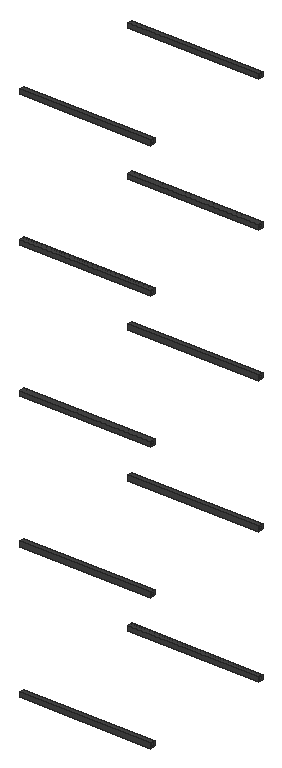
Revit family "DBLTD_TheSenatorGroup_OffcStrg_CrateDivide_LinkingBars_US", category Furniture, Revit 2018
Family settings
  Work Plane-Based = No
  Always vertical = Yes
  Cut with Voids When Loaded = No
  Shared = Yes
  Room Calculation Point = No
Parameters (values of type "Bars to Link 4-High Bay Unit")
  WarrantyStartDate [instance] = "1900-12-31T23:59:59"
  WarrantyGuarantorParts = "n/a"
  WarrantyGuarantorLabor = "n/a"
  WarrantyDurationUnit = "Years"
  WarrantyDurationParts = "n/a"
  WarrantyDurationLabor = "n/a"
  WarrantyDescription = "Allermuir will repair, or replace (at Allermuir’s sole discretion) with comparable free of charge materials/ components, any product/ component which fails under normal use in a single shift environment, as a result of a defect in the materials and/or workmanship. Exceptions - Non-standard product - 2 years Screen-mounted Accessories/ Dry-wipe Boards - 2 years Electrical and/or electronic componentry - 2 years. Exclusions - Allermuir does not warrant: Failure due to normal “Wear and Tear”. Natural variations in appearance of wood - its grain, figure and colour. Changes in surface appearance resulting from exposure to light, and the natural ageing process of wood. Changes in surface appearance resulting from the misuse of cleaning materials and methods/ damage form sharp objects/ imprinting from writing implements. Natural variations in Leather - its marks, scars and wrinkles. Product stored/ exposed to extreme operational conditions. Consumable components such as Fuses/ Lights/ lamps/ transformers/etc. Other Manufacturer’s product supplied by Allermuir (their own warranty shall apply where possible). Non-standard fabrics/ finishes or veneers used. Allermuir only checks the manufacturing quality of Customer’s Own Material (COM) and provides no warrant"
  Version = "2"  # constant formula
  Uniclass2015Version = "Products v1.9"
  Uniclass2015Title = "Office storage units"
  Uniclass2015Code = "Pr_40_30_78_57"
  URL = "https://www.thesenatorgroup.com/"
  Type Comments = "Connector bars to link 4-high bay unit"
  TagNumber [instance] = "n/a"
  SustainabilityPerformance = "Contains up to 50.00% of Recycled Material"
  Style = "n/a"
  Size = "L 18\" x  W L 18\" x  H 30\""
  Shape = "Rectangular"
  SerialNumber [instance] = "n/a"
  Revision = "n/a"
  ReplacementCost = "n/a"
  ProductInformation = "https://www.thesenatorgroup.com/en/catalog/allermuir/tables-storage/crate-divide"
  OmniClassTitle = "Storage"
  OmniClassCode = "22-12 51 19"
  NominalWidth = 457.962 mm
  NominalLength = 457.962 mm
  NominalHeight = 1789.938 mm
  NominalDepth = 457.962 mm
  Name = "OfficeStorage_CrateDivide_LinkingBars"
  NBSReference = "45-35-80/360"
  NBSDescription = "Office storage"
  NBSCertification = ""
  ModelReference = "Connector bars to link 4-high bay unit"
  ModelNumber = "CRT10CB"
  Model = "CRT10CB"
  Material = "Tubular Steel"
  ManufacturerURL = "https://www.thesenatorgroup.com/"
  ManufacturerName = "The Senator Group"
  Manufacturer = "The Senator Group"
  MainColor = "n/a"
  Keynote = "Pr_40_30_78_57"
  InstallationDate [instance] = "1900-12-31T23:59:59"
  IfcExportType = "STORAGE"  # constant formula
  IfcExportAs = "IfcFurnitureType"  # constant formula
  Grade = "n/a"
  FrameNumber = 4
  FrameMaterial [instance] = TheSenatorGroup_Plastic_Black
  Finish = "Black powder coat as standard. Optional colours available White, Sage, Bronze and Aubergine"
  Features = "A cube based modular storage system with a prime function to to act as a room divider. Create spaces using the modular design of Crate. Pre-built components can be connected together in-line or at right angles to create different zones within existing spaces."
  ExpectedLife = "n/a"
  DurationUnit = "year"
  Description = "Connector bars to link 4-high bay unit"
  Cost = 0
  Constituents = "Tubular Steel frame available in Optional White, Sage, Bronze and Aubergine powder coat"
  Color = "Defined by Finish Specifed"
  CodePerformance = "n/a"
  Category = "Pr_40_30_78_57:Office storage units"
  BarCode [instance] = "n/a"
  BIMObjectName = "TheSenatorGroup_OfficeStorage_CrateDivide_LinkingBars"
  Author = "Diane Butterworth Ltd"  # constant formula
  AssetType = "Movable"
  AssetIdentifier [instance] = "n/a"
  AccessibilityPerformance = "n/a"
Types (4, lengths in mm): name | Type Comments | Size | NominalHeight | ModelReference | ModelNumber | Model | FrameNumber | Description
  Bars to Link 2-High Bay Unit | "Connector bars to link 2-high bay unit" | "L 18\" x  W L 18\" x  H 35.5\"" | 899.922 | "Connector bars to link 2-high bay unit" | "CRT6CB" | "CRT6CB" | 2 | "Connector bars to link 2-high bay unit"
  Bars to Link 3-High Bay Unit | "Connector bars to link 3-high bay unit" | "L 18\" x  W L 18\" x  H 53\"" | 1347.978 | "Connector bars to link 3-high bay unit" | "CRT8CB" | "CRT8CB" | 3 | "Connector bars to link 3-high bay unit"
  Bars to Link 4-High Bay Unit | "Connector bars to link 4-high bay unit" | "L 18\" x  W L 18\" x  H 30\"" | 1789.938 | "Connector bars to link 4-high bay unit" | "CRT10CB" | "CRT10CB" | 4 | "Connector bars to link 4-high bay unit"
  Bars to Link 5-High Bay Unit | "Connector bars to link 5-high bay unit" | "L 18\" x  W L 18\" x  H 88\"" | 2231.898 | "Connector bars to link 5-high bay unit" | "CRT12CB" | "CRT12CB" | 5 | "Connector bars to link 5-high bay unit"
Reference planes
  plane 1 "Back": y = 0
  plane 2: z = 0
  plane 3 "Center (Left/Right)": x = 0
  plane 4 "Front": y = -457.962
  plane 5 "Top": z = 1789.938
  plane 6: y = -228.981
  plane 7 "Shelf2": x = -213.1
  plane 8 "Shelf3": x = 213.1
  plane 9: z = 10.05
Forms (mm)
  Extrusion 1, solid, material "TheSenatorGroup_Plastic_Black" <- "FrameMaterial"
    sketch origin (0, 0, 0) x (0, 1, 0) y (0, 0, 1)
      loop
        line (-442.12, 25.88) -> (-458, 25.88) -> (-458, 10) -> (-442.12, 10) -> (-442.12, 25.88)
      loop
        line (0, 25.88) -> (-16, 25.88) -> (-16, 10) -> (0, 10) -> (0, 25.88)
      loop
        line (-2, 23.88) -> (-14, 23.88) -> (-14, 12) -> (-2, 12) -> (-2, 23.88)
      loop
        line (-444.12, 23.88) -> (-456, 23.88) -> (-456, 12) -> (-444.12, 12) -> (-444.12, 23.88)
    from -213.06 to 213.06
  Extrusion 2, solid, material "TheSenatorGroup_Plastic_Black" <- "FrameMaterial"
    sketch origin (0, 0, 442.05) x (0, 1, 0) y (0, 0, 1)
      loop
        line (-442.12, 25.88) -> (-458, 25.88) -> (-458, 10) -> (-442.12, 10) -> (-442.12, 25.88)
      loop
        line (0, 25.88) -> (-16, 25.88) -> (-16, 10) -> (0, 10) -> (0, 25.88)
      loop
        line (-2, 23.88) -> (-14, 23.88) -> (-14, 12) -> (-2, 12) -> (-2, 23.88)
      loop
        line (-444.12, 23.88) -> (-456, 23.88) -> (-456, 12) -> (-444.12, 12) -> (-444.12, 23.88)
    from -213.06 to 213.06
  Extrusion 3, solid, material "TheSenatorGroup_Plastic_Black" <- "FrameMaterial"
    sketch origin (0, 0, 884.05) x (0, 1, 0) y (0, 0, 1)
      loop
        line (-442.12, 25.88) -> (-458, 25.88) -> (-458, 10) -> (-442.12, 10) -> (-442.12, 25.88)
      loop
        line (0, 25.88) -> (-16, 25.88) -> (-16, 10) -> (0, 10) -> (0, 25.88)
      loop
        line (-2, 23.88) -> (-14, 23.88) -> (-14, 12) -> (-2, 12) -> (-2, 23.88)
      loop
        line (-444.12, 23.88) -> (-456, 23.88) -> (-456, 12) -> (-444.12, 12) -> (-444.12, 23.88)
    from -213.06 to 213.06
  Extrusion 4, solid, material "TheSenatorGroup_Plastic_Black" <- "FrameMaterial"
    sketch origin (0, 0, 1326.05) x (0, 1, 0) y (0, 0, 1)
      loop
        line (-442.12, 25.88) -> (-458, 25.88) -> (-458, 10) -> (-442.12, 10) -> (-442.12, 25.88)
      loop
        line (0, 25.88) -> (-16, 25.88) -> (-16, 10) -> (0, 10) -> (0, 25.88)
      loop
        line (-2, 23.88) -> (-14, 23.88) -> (-14, 12) -> (-2, 12) -> (-2, 23.88)
      loop
        line (-444.12, 23.88) -> (-456, 23.88) -> (-456, 12) -> (-444.12, 12) -> (-444.12, 23.88)
    from -213.06 to 213.06
  Extrusion 5, solid, material "TheSenatorGroup_Plastic_Black" <- "FrameMaterial"
    sketch origin (0, 0, 1768.05) x (0, 1, 0) y (0, 0, 1)
      loop
        line (-442.12, 25.88) -> (-458, 25.88) -> (-458, 10) -> (-442.12, 10) -> (-442.12, 25.88)
      loop
        line (0, 25.88) -> (-16, 25.88) -> (-16, 10) -> (0, 10) -> (0, 25.88)
      loop
        line (-2, 23.88) -> (-14, 23.88) -> (-14, 12) -> (-2, 12) -> (-2, 23.88)
      loop
        line (-444.12, 23.88) -> (-456, 23.88) -> (-456, 12) -> (-444.12, 12) -> (-444.12, 23.88)
    from -213.06 to 213.06
Dimensions and locks
  "NominalDepth": plane 4 "Front" to plane 1 "Back"
  "NominalHeight": plane 5 "Top" to level
  equal spacing: plane 4 "Front", plane 6, plane 1 "Back"
  Extrusion 2 to level = 467.93 mm
  equal spacing: group 2, group 3, group 4, group 5  (x3)
  plane 9 to level = 10.05 mm
  aligned and locked: level to plane 2
Automatic sketch dimensions
  Extrusion 1 sketch curve to Extrusion 1 sketch curve = 15.88 mm  (x3)
  Extrusion 1 sketch curve to Extrusion 1 sketch curve = 2 mm  (x8)
  Extrusion 1 sketch curve to Extrusion 1 sketch curve = 426.12 mm
  Extrusion 1 sketch curve to Extrusion 1 sketch curve = 12 mm
  Extrusion 1 sketch curve to Extrusion 1 sketch curve = 0 mm
  Extrusion 2 sketch curve to Extrusion 2 sketch curve = 15.88 mm  (x3)
  Extrusion 2 sketch curve to Extrusion 2 sketch curve = 2 mm  (x8)
  Extrusion 2 sketch curve to Extrusion 2 sketch curve = 426.12 mm
  Extrusion 2 sketch curve to Extrusion 2 sketch curve = 12 mm
  Extrusion 2 sketch curve to Extrusion 2 sketch curve = 0 mm
  Extrusion 3 sketch curve to Extrusion 3 sketch curve = 15.88 mm  (x3)
  Extrusion 3 sketch curve to Extrusion 3 sketch curve = 2 mm  (x8)
  Extrusion 3 sketch curve to Extrusion 3 sketch curve = 426.12 mm
  Extrusion 3 sketch curve to Extrusion 3 sketch curve = 12 mm
  Extrusion 3 sketch curve to Extrusion 3 sketch curve = 0 mm
  Extrusion 4 sketch curve to Extrusion 4 sketch curve = 15.88 mm  (x3)
  Extrusion 4 sketch curve to Extrusion 4 sketch curve = 2 mm  (x8)
  Extrusion 4 sketch curve to Extrusion 4 sketch curve = 426.12 mm
  Extrusion 4 sketch curve to Extrusion 4 sketch curve = 12 mm
  Extrusion 4 sketch curve to Extrusion 4 sketch curve = 0 mm
  Extrusion 5 sketch curve to Extrusion 5 sketch curve = 15.88 mm  (x3)
  Extrusion 5 sketch curve to Extrusion 5 sketch curve = 2 mm  (x8)
  Extrusion 5 sketch curve to Extrusion 5 sketch curve = 426.12 mm
  Extrusion 5 sketch curve to Extrusion 5 sketch curve = 12 mm
  Extrusion 5 sketch curve to Extrusion 5 sketch curve = 0 mm
